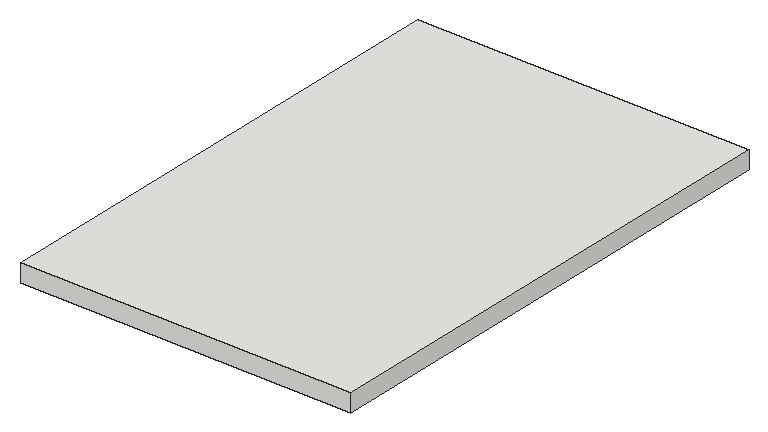
Revit family "SURVIVOR160xxWSxxxESGS0650x", category Leuchten, Revit 2024
Family settings
  Basisbauteil = Fläche
  Bemaßung runder Anschluss = Durchmesser verwenden
  Teiletyp = Normal
  OmniClass-Nummer = 23.80.70.11
  OmniClass-Titel = Luminaries for Internal Lighting
  Beim Laden mit Abzugskörper schneiden = Nein
  Lichtquelle = Ja
  Beschriftungsausrichtung beibehalten = Nein
  Gemeinsam genutzt = Nein
  Raumberechnungspunkt = Nein
Parameters (values of type "SURVIVOR160NDWS840ESGS0700-RF")
  width = 240 mm  # constant formula
  weight = "13,2"
  voltage type (AC, DC, UC) = "AC"
  rated input power = 45
  product name = "SURVIVOR160NDWS840ESGS0700-RF"
  nominal voltage = "230"
  nominal frequency = "50-60Hz"
  length = 1600 mm  # constant formula
  ingress protection (IP) code = "IP65"
  height = 73 mm  # constant formula
  electrical safety class = "1"
  control gear = ""
  conformity mark = "CE"  # constant formula
  brand = "RIDI"
  approval mark = ""
  built-in parameter 1150104 = 13.8 (stored number, unit not read)
  Wattage = 48.4712 W
  Von Breite des Rechtecks ausssenden = 1528 mm
  Von Länge des Rechtecks aussenden = 181 mm  # constant formula
  Default Elevation = 0 mm
  built-in parameter 1150113 = 1 (stored number, unit not read)
  built-in parameter 1114218 = 1 (stored number, unit not read)
  URL = "www.ridi.de"
  built-in parameter 1150134 = 12
  built-in parameter 1150109 = 1 (stored number, unit not read)
  built-in parameter 1150110 = 1 (stored number, unit not read)
  Apparent Load = 45 VA
  Tilt Angle = 90.00°
  Modell = "0622247//420"
  built-in parameter 1114217 = 1 (stored number, unit not read)
  built-in parameter 1150139 = (empty or 0)
  built-in parameter 1150105 = 572.96 (stored number, unit not read)
  built-in parameter 1150114 = 1 (stored number, unit not read)
  Lumens = 7200 lm
  built-in parameter 1150115 = 1 (stored number, unit not read)
  built-in parameter 1150112 = 1 (stored number, unit not read)
  Lampe = "LED"
  Hersteller = "RIDI Leuchten GmbH"  # constant formula
  Dimming Lamp Color Temperature Shift = (empty or 0)
  Color Filter = 16777215
  built-in parameter 1150133 = 10 (stored number, unit not read)
  Emit Shape Visible in Rendering = no
  built-in parameter 1150137 = (empty or 0)
  built-in parameter 1150132 = 2
  Datei für fotometrisches Netz = "SURVIVOR_ESGS.IES"
  Copyright = "© RIDI. All rights reserved."  # constant formula
  built-in parameter 1150106 = 5.7296 (stored number, unit not read)
  Baugruppenkennzeichen = "D5020200"
  built-in parameter 1150107 = 4000 (stored number, unit not read)
  built-in parameter 1150102 = (empty or 0)
  built-in parameter 1150138 = (empty or 0)
Types (5, lengths in mm): name | rated input power | product name | Wattage | built-in parameter 1150134 | Apparent Load | Modell | built-in parameter 1150105 | Lumens | built-in parameter 1150106 | built-in parameter 1150107
  (no name) | 45 | "SURVIVOR160NDWS840ESGS0700-RF" | 48.4712 W | 12 | 45 VA | "0622247//420" | 572.96 (stored number, unit not read) | 7200 lm | 5.7296 (stored number, unit not read) | 4000 (stored number, unit not read)
  SURVIVOR160DAWS830ESGS0650 | 43 | "SURVIVOR160DAWS830ESGS0650" | 47.4613 W | (empty or 0) | 43 VA | "0632243" | 561.02 (stored number, unit not read) | 7050 lm | 5.6102 (stored number, unit not read) | 3000 (stored number, unit not read)
  SURVIVOR160NDWS830ESGS0650-RF | 45 | "SURVIVOR160NDWS830ESGS0650-RF" | 46.4515 W | (empty or 0) | 45 VA | "0622243//420" | 549.08 (stored number, unit not read) | 6900 lm | 5.4908 (stored number, unit not read) | 3000 (stored number, unit not read)
  SURVIVOR160DAWS840ESGS0700 | 43 | "SURVIVOR160DAWS840ESGS0700" | 49.9522 W | 12 | 43 VA | "0632247" | 590.46 (stored number, unit not read) | 7420 lm | 5.9046 (stored number, unit not read) | 4000 (stored number, unit not read)
  SURVIVOR160NDWS840ESGS0700-RF | 45 | "SURVIVOR160NDWS840ESGS0700-RF" | 48.4712 W | 12 | 45 VA | "0622247//420" | 572.96 (stored number, unit not read) | 7200 lm | 5.7296 (stored number, unit not read) | 4000 (stored number, unit not read)
Reference planes
  plane 1 "Mitte (Vorne/hinten)": y = 0
  plane 2: z = 0
  plane 3 "Mitte (Links/rechts)": x = 0
Forms (mm)
  Extrusion 1, solid
    sketch origin (219.2, 280.8, 0) x (1, 0, 0) y (0, 1, 0)
      loop
        line (-1219.2, 1219.2) -> (-1219.2, -1780.8) -> (780.8, -1780.8) -> (780.8, 1219.2) -> (-1219.2, 1219.2)
    from 0 to -107.307
Dimensions and locks
  locked: imposter light to import instance at 24
  aligned and locked: plane 2 to Extrusion 1
  aligned and locked: level to Extrusion 1
  aligned and locked: import instance to Extrusion 1
Connectors
  electrical at (53.526, -789.759, 2.275), driven by "Apparent Load"
    settings: on import instance, index 1, voltage 230 V, apparent load 0 VA, apparent load phase1 45 VA, apparent load phase2 0 VA, apparent load phase3 0 VA, power factor 1, load classification "Lighting", number of poles 1, system type 31, power factor state 1, is connector primary yes, connector utility no, sub classification motor no, connector description ""
